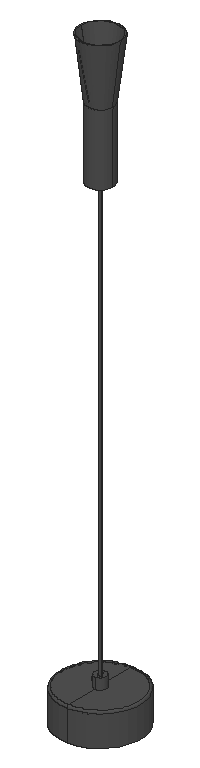
Revit family "22023", category Luminarias, Revit 2021
Family settings
  Cota de conector redondo = Diámetro de uso
  Tipo de pieza = Normal
  Número OmniClass = 23.80.70.00
  Título OmniClass = Lighting
  Se basa en plano de trabajo = Sí
  Siempre vertical = No
  Corte con vacíos al cargar = Sí
  Origen de luz = No
  Compartido = No
  Punto de cálculo de habitación = No
Parameters (values of type "22023 NINA Suspended black")
  Voltage = "100-240 V"  # constant formula
  URL = "https://www.faro.es/"
  Model = ""
  LAMP 2 = no
  LAMP 1 = yes
  Fabricante = "FARO Barcelona"  # constant formula
  Lámpara = "1XE27 MAX 15W LED"
  FARO_URL Model = ""
  FARO_Subcategory = "Suspended"  # constant formula
  FARO_Ref_Accessory = ""
  FARO_Ref = "22023"
  FARO_Model Line = "NINA"  # constant formula
  FARO_Material_03 = FARO_White_translucide
  FARO_Material_02 = FARO_Black_
  FARO_Material_01 = FARO_Black_
  FARO_Ligthing Source Hanging Heigth [instance] = 747.598 mm
  FARO_Last Actualization Date = "28/10/2024"  # constant formula
  FARO_EAN = ""
  FARO_Description ES = "NINA Colgante negro"
  FARO_Description EN = "NINA Suspended black"
  FARO_Category = "Indoor"  # constant formula
  Default Elevation = 1219.2 mm
  Assembly Code = ""
Types (3, lengths in mm): name | FARO_Ref | FARO_Material_02 | FARO_Description ES | FARO_Description EN
  22023 NINA Suspended black | "22023" | FARO_Black_ | "NINA Colgante negro" | "NINA Suspended black"
  22024 NINA Suspended white | "22024" | FARO_White | "NINA Colgante blanco" | "NINA Suspended white"
  22025 NINA Suspended gold | "22025" | FARO_Gold | "NINA Colgante oro" | "NINA Suspended gold"
Reference planes
  plane 1 "Light Source Axis (F/B)": y = 0
  plane 2: z = 0
  plane 3 "Light Source Axis (L/R)": x = 0
  plane 4 "Light Source Elevation": z = 747.598
Forms (mm)
  Extrusion 1, solid, material "FARO_Black_" <- "FARO_Material_01"
    sketch origin (0, 0, 0) x (1, 0, 0) y (0, 1, 0)
      loop
        circle (0, 0) r 1.5
    from 473 to 22
  Revolve 2, solid, material "FARO_Black_" <- "FARO_Material_02"
    sketch origin (0, 0, 0) x (1, 0, 0) y (0, 0, 1)
      loop
        line (-20, 603) -> (-12.5, 543) -> (-12.5, 473) -> (0, 473) -> (0, 541) -> (-10, 541) -> (-10, 544) -> (-8.683, 544) -> (-18.996, 603) -> (-20, 603)
      axis (0, 473) -> (0, 603)
    angle from 0 to 360
  Revolve 3, solid, material "FARO_White_translucide" <- "FARO_Material_03"
    sketch origin (0, 0, 0) x (0, 1, 0) y (0, 0, 1)
      loop
        line (0, 544) -> (-10, 544) -> (-10, 541) -> (0, 541) -> (0, 544)
      axis (0, 544) -> (0, 541)
    angle from 0 to 360
Dimensions and locks
  aligned and locked: level to plane 2
  aligned and locked: Extrusion 1 to Revolve 2
Nested families
  nested 1: "nina_soporte" at (0, 0, 0.625) x (0, 1, 0) z (0, 0, 1), FARO_Material_01 <- "FARO_Material_01", type "soporte"
    with FARO_Material_01 FARO_Black_, FARO_Ligthing Source Hanging Heigth 782.379 mm
  nested 2: "Fotometrica_Base" at (0.012, 0, 544) x (0, 1, 0) z (0, 0, -1), type "Fotometrica_Base"
Connectors
  electrical at (0, 0, 0)
    settings: index 1, voltage 100 V, apparent load 0 VA, apparent load phase1 0 VA, apparent load phase2 0 VA, apparent load phase3 0 VA, power factor 1, load classification "Other", number of poles 1, system type 31, power factor state 1, is connector primary yes, connector utility no, sub classification motor no, connector description ""
Definition of nested family "nina_soporte"
  Parameters (values of type "soporte")
    Voltage = ""
    URL = "https://www.faro.es/"
    Model = ""
    Manufacturer = "FARO Barcelona"  # constant formula
    Lamp = ""
    FARO_URL Model = ""
    FARO_Subcategory = ""
    FARO_Ref_Accessory = ""
    FARO_Ref = ""
    FARO_Model Line = ""
    FARO_Material_01 [instance] = none
    FARO_Ligthing Source Hanging Heigth [instance] = 782.379 mm
    FARO_Last Actualization Date = "12/04/2024"  # constant formula
    FARO_EAN = ""
    FARO_Description ES = ""
    FARO_Description EN = ""
    FARO_Category = ""
    Default Elevation = 0 mm
    Assembly Code = ""
  Reference planes
    plane 1 "Light Source Axis (F/B)": y = 0
    plane 2: z = 0
    plane 3 "Light Source Axis (L/R)": x = 0
    plane 4 "Light Source Elevation": z = 782.379
  Forms (mm)
    Revolve 1, solid, material <- "FARO_Material_01"
      sketch origin (0, 0, -22.51) x (1, 0, 0) y (0, 0, -1)
        loop
          line (-5.983, -54.51) -> (-5.983, -64.51) -> (-1.964, -64.51) -> (-1.964, -58.937) -> (0, -58.937) -> (0, -53.31) -> (-38.002, -53.31)
          arc (-38.002, -53.31) -> (-38.571, -53.075) -> (-38.806, -52.507) r 0.804
          line (-38.806, -52.507) -> (-38.806, -22.51) -> (-40, -22.51) -> (-40, -52.512)
          arc (-40, -52.512) -> (-39.415, -53.925) -> (-38.001, -54.51) r 1.999
          line (-38.001, -54.51) -> (-5.983, -54.51)
        axis (0, -22.51) -> (0, -64.51)
      angle from 0 to 360
    Extrusion 2, solid, material <- "FARO_Material_01"
      sketch origin (-517.005, 0, 745.265) x (-1, 0, 0) y (0, 0, -1)
        loop
          line (-479.505, 745.265) -> (-495.074, 745.265)
          arc (-495.074, 745.265) -> (-496.488, 744.679) -> (-497.074, 743.265) r 2
          line (-497.074, 743.265) -> (-497.074, 720.878)
          arc (-497.074, 720.878) -> (-497.254, 720.445) -> (-497.687, 720.265) r 0.613
          line (-497.687, 720.265) -> (-536.323, 720.265)
          arc (-536.323, 720.265) -> (-536.757, 720.445) -> (-536.936, 720.878) r 0.613
          line (-536.936, 720.878) -> (-536.936, 743.265)
          arc (-536.936, 743.265) -> (-537.522, 744.679) -> (-538.936, 745.265) r 2
          line (-538.936, 745.265) -> (-554.505, 745.265) -> (-554.505, 743.765) -> (-539.153, 743.765)
          arc (-539.153, 743.765) -> (-538.646, 743.555) -> (-538.436, 743.048) r 0.717
          line (-538.436, 743.048) -> (-538.436, 720.765)
          arc (-538.436, 720.765) -> (-537.85, 719.351) -> (-536.436, 718.765) r 2
          line (-536.436, 718.765) -> (-497.574, 718.765)
          arc (-497.574, 718.765) -> (-496.16, 719.351) -> (-495.574, 720.765) r 2
          line (-495.574, 720.765) -> (-495.574, 743.048)
          arc (-495.574, 743.048) -> (-495.364, 743.555) -> (-494.857, 743.765) r 0.717
          line (-494.857, 743.765) -> (-479.505, 743.765) -> (-479.505, 745.265)
      from -8 to 8
    Extrusion 3, void
      sketch origin (0, 0, -732.379) x (-1, 0, 0) y (0, -1, 0)
        loop
          circle (0, 0) r 5
        loop
          line (32.5, -1.5) -> (32.5, 1.5)
          arc (32.5, 1.5) -> (30, 4) -> (27.5, 1.5) r 2.5
          line (27.5, 1.5) -> (27.5, -1.5)
          arc (27.5, -1.5) -> (30, -4) -> (32.5, -1.5) r 2.5
        loop
          line (-31.5, -2.5) -> (-28.5, -2.5)
          arc (-28.5, -2.5) -> (-26, 0) -> (-28.5, 2.5) r 2.5
          line (-28.5, 2.5) -> (-31.5, 2.5)
          arc (-31.5, 2.5) -> (-34, 0) -> (-31.5, -2.5) r 2.5
      from 732.379 to 761.379
    Revolve 4, solid, material <- "FARO_Material_01"
      sketch origin (0, 0, -76.5) x (0, 1, 0) y (0, 0, 1)
        loop
          line (0.629, 116.37) -> (-0.442, 113.718) -> (6.196, 113.718) -> (6.196, 116.37) -> (0.629, 116.37)
        axis (-0.442, 113.718) -> (6.196, 113.718)
      angle from 0 to 360
  Cuts and joins
    Extrusion 3 cuts Extrusion 2
  Dimensions and locks
    aligned and locked: level to plane 2
Definition of nested family "Fotometrica_Base"
  Parameters (values of type "Fotometrica_Base")
    Wattage = 8.08418 W
    built-in parameter 1150110 = 1 (stored number, unit not read)
    built-in parameter 1114217 = 1 (stored number, unit not read)
    Tilt Angle = -90.00°
    built-in parameter 1150109 = 1 (stored number, unit not read)
    built-in parameter 1150134 = (empty or 0)
    built-in parameter 1150113 = 1 (stored number, unit not read)
    Photometric Web File = "24006-11_LDT.ies"
    Lumens = 1200.84 lm
    built-in parameter 1150115 = 1 (stored number, unit not read)
    built-in parameter 1150105 = 95.56 (stored number, unit not read)
    built-in parameter 1150137 = (empty or 0)
    built-in parameter 1150139 = (empty or 0)
    built-in parameter 1150112 = 1 (stored number, unit not read)
    built-in parameter 1150114 = 1 (stored number, unit not read)
    built-in parameter 1150132 = 2
    built-in parameter 1150102 = (empty or 0)
    built-in parameter 1150138 = (empty or 0)
    built-in parameter 1150107 = 2700 (stored number, unit not read)
    built-in parameter 1150106 = 0.9556 (stored number, unit not read)
    Emit from Circle Diameter = 0.1 mm
    Emit Shape Visible in Rendering = yes
    built-in parameter 1150104 = 13.8 (stored number, unit not read)
    Dimming Lamp Color Temperature Shift = (empty or 0)
    Default Elevation = 1219.2 mm
    Color Filter = 16777215
    built-in parameter 1114218 = 1 (stored number, unit not read)
    built-in parameter 1150133 = 10 (stored number, unit not read)
  Reference planes
    plane 1 "Light Source Axis (F/B)": y = 0
    plane 2: z = 0
    plane 3 "Light Source Axis (L/R)": x = 0
    plane 4 "Light Source Elevation": z = 0
  Dimensions and locks
    aligned and locked: plane 4 "Light Source Elevation" to imposter light
    aligned and locked: level to plane 2
    aligned and locked: plane 4 "Light Source Elevation" to level
    aligned and locked: plane 3 "Light Source Axis (L/R)" to imposter light
    aligned and locked: plane 1 "Light Source Axis (F/B)" to imposter light
